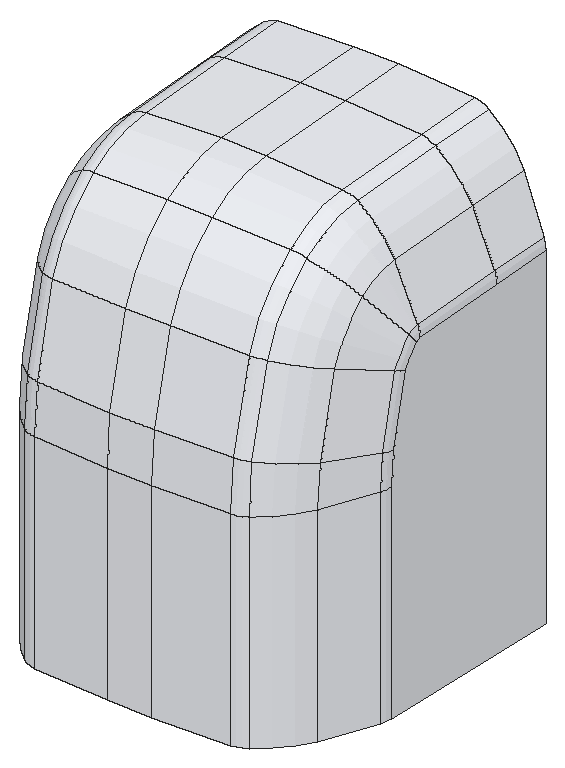
Revit family "Basin-Caroma Opal Shroud", category Plumbing Fixtures, host Face, Revit 2012
Parameters (values of type "Shroud")
  Waste Connection = no
  Waste = Metal-Chrome-Caroma
  Vent Connection = no
  URL = "www.caroma.com.au"
  Type Comments = "Shroud"  # constant formula
  PlumbingMaterial_ANZRS = Porcelain-White-Caroma
  Model = "632601"
  Manufacturer = "Caroma"  # constant formula
  HW Connection = no
  Description = "Opal Shroud"  # constant formula
  Default Elevation = 785 mm
  CreatedBy_ANZRS = "Design Content"  # constant formula
  CreatedByURL_ANZRS = "www.designcontent.com.au"
  CW Connection = no
Reference planes
  plane 1 "Origin": y = 0
  plane 2 "Back": z = 0
  plane 3 "Center (Left/Right)": x = 0
  plane 4 "Top": y = 92.5
  plane 5 "Front": z = 270
  plane 6 "Left": x = -101.5
  plane 7 "Right": x = 101.5
  plane 8 "Bottom": y = -92.5
Forms (mm)
  Sweep 1, solid, material "Porcelain-White-Caroma" <- "PlumbingMaterial_ANZRS"
    path origin (0, 0, 0) x (0, 1, 0) y (0, 0, 1)
      loop
        line (97.438, 270.259) -> (52.5, 267.904)
        arc (52.5, 267.904) -> (23.081, 266.234) -> (-6.323, 264.308) r 3387.831
        arc (-6.323, 264.308) -> (-27.869, 259.549) -> (-47.098, 248.726) r 75
        arc (-47.098, 248.726) -> (-66.126, 228.775) -> (-78.471, 204.122) r 93.018
        arc (-78.471, 204.122) -> (-85.47, 179.16) -> (-90.344, 153.697) r 307.757
        arc (-90.344, 153.697) -> (-91.96, 139.092) -> (-92.5, 124.408) r 200
        line (-92.5, 124.408) -> (-92.5, 0)
    profile origin (0, -92.5, 0) x (0, -1, 0) y (1, 0, 0)
      loop
        arc (0, 13.389) -> (-0.592, 36.174) -> (-2.368, 58.896) r 438.381
        arc (-2.368, 58.896) -> (-3.435, 63.355) -> (-5.617, 67.387) r 17.586
        arc (-5.617, 67.387) -> (-16.904, 79.467) -> (-30.819, 88.392) r 66.544
        arc (-30.819, 88.392) -> (-46.459, 95.097) -> (-62.592, 100.507) r 208.979
        arc (-62.592, 100.507) -> (-66.045, 101.25) -> (-69.569, 101.5) r 25
        line (-69.569, 101.5) -> (-71, 101.5) -> (-71, 91.5) -> (-69.569, 91.5)
        arc (-69.569, 91.5) -> (-67.454, 91.35) -> (-65.382, 90.904) r 15
        arc (-65.382, 90.904) -> (-50.021, 85.753) -> (-35.13, 79.369) r 198.979
        arc (-35.13, 79.369) -> (-23.306, 71.785) -> (-13.716, 61.521) r 56.544
        arc (-13.716, 61.521) -> (-12.774, 59.782) -> (-12.314, 57.858) r 7.586
        arc (-12.314, 57.858) -> (-10.579, 35.654) -> (-10, 13.389) r 428.381
        line (-10, 13.389) -> (-10, -13.389)
        arc (-10, -13.389) -> (-10.579, -35.654) -> (-12.314, -57.858) r 428.381
        arc (-12.314, -57.858) -> (-12.774, -59.782) -> (-13.716, -61.521) r 7.586
        arc (-13.716, -61.521) -> (-23.306, -71.785) -> (-35.13, -79.369) r 56.544
        arc (-35.13, -79.369) -> (-50.021, -85.753) -> (-65.382, -90.904) r 198.979
        arc (-65.382, -90.904) -> (-67.454, -91.35) -> (-69.569, -91.5) r 15
        line (-69.569, -91.5) -> (-71, -91.5) -> (-71, -101.5) -> (-69.569, -101.5)
        arc (-69.569, -101.5) -> (-66.045, -101.25) -> (-62.592, -100.507) r 25
        arc (-62.592, -100.507) -> (-46.459, -95.097) -> (-30.819, -88.392) r 208.979
        arc (-30.819, -88.392) -> (-16.904, -79.467) -> (-5.617, -67.387) r 66.544
        arc (-5.617, -67.387) -> (-3.435, -63.355) -> (-2.368, -58.896) r 17.586
        arc (-2.368, -58.896) -> (-0.592, -36.174) -> (0, -13.389) r 438.381
        line (0, -13.389) -> (0, 13.389)
  Extrusion 2, solid, material "Porcelain-White-Caroma" <- "PlumbingMaterial_ANZRS"
    sketch origin (0, 0, 0) x (0, 1, 0) y (0, 0, 1)
      loop
        arc (56.216, 197.001) -> (27.413, 195.366) -> (-1.375, 193.48) r 3316.831
        arc (-1.375, 193.48) -> (-2.524, 193.226) -> (-3.549, 192.649) r 4
        arc (-3.549, 192.649) -> (-8.054, 187.927) -> (-10.976, 182.091) r 22.018
        arc (-10.976, 182.091) -> (-16.36, 162.888) -> (-20.109, 143.299) r 236.757
        arc (-20.109, 143.299) -> (-21.152, 133.879) -> (-21.5, 124.408) r 129
        line (-21.5, 124.408) -> (-21.5, 0) -> (92.5, 0) -> (92.5, 198.903) -> (56.216, 197.001)
    from 101.5 to 91.5
  Extrusion 3, solid, material "Porcelain-White-Caroma" <- "PlumbingMaterial_ANZRS"
    sketch origin (0, 0, 0) x (0, 1, 0) y (0, 0, -1)
      loop
        line (56.216, -197.001) -> (92.5, -198.903) -> (92.5, 0) -> (-21.5, 0) -> (-21.5, -124.408)
        arc (-21.5, -124.408) -> (-21.152, -133.879) -> (-20.109, -143.299) r 129
        arc (-20.109, -143.299) -> (-16.36, -162.888) -> (-10.976, -182.091) r 236.757
        arc (-10.976, -182.091) -> (-8.054, -187.927) -> (-3.549, -192.649) r 22.018
        arc (-3.549, -192.649) -> (-2.524, -193.226) -> (-1.375, -193.48) r 4
        arc (-1.375, -193.48) -> (27.413, -195.366) -> (56.216, -197.001) r 3316.831
    from 101.5 to 91.5
  Extrusion 4, void
    sketch origin (0, 0, 0) x (0, 1, 0) y (0, 0, 1)
      loop
        line (92.5, 187.732) -> (137.5, 187.732) -> (137.5, 287.732) -> (92.5, 287.732) -> (92.5, 187.732)
    from 200 to -200
Cuts and joins
  Extrusion 4 cuts Sweep 1
  joined: Sweep 1, Extrusion 2, Extrusion 3
Lines and regions (mm)
  Masking region 1
    outline origin (0, 0, 0) x (1, 0, 0) y (0, 1, 0)
      loop
        line (-101.5, 92.5) -> (-101.5, -22.931)
        arc (-101.5, -22.931) -> (-101.25, -26.455) -> (-100.507, -29.908) r 25
        arc (-100.507, -29.908) -> (-95.097, -46.041) -> (-88.392, -61.681) r 208.979
        arc (-88.392, -61.681) -> (-79.467, -75.596) -> (-67.387, -86.883) r 66.544
        arc (-67.387, -86.883) -> (-63.355, -89.065) -> (-58.896, -90.132) r 17.586
        arc (-58.896, -90.132) -> (-36.174, -91.908) -> (-13.389, -92.5) r 438.381
        line (-13.389, -92.5) -> (13.389, -92.5)
        arc (13.389, -92.5) -> (36.174, -91.908) -> (58.896, -90.132) r 438.381
        arc (58.896, -90.132) -> (63.355, -89.065) -> (67.387, -86.883) r 17.586
        arc (67.387, -86.883) -> (79.467, -75.596) -> (88.392, -61.681) r 66.544
        arc (88.392, -61.681) -> (95.097, -46.041) -> (100.507, -29.908) r 208.979
        arc (100.507, -29.908) -> (101.25, -26.455) -> (101.5, -22.931) r 25
        line (101.5, -22.931) -> (101.5, 92.5) -> (-101.5, 92.5)
  Masking region 2
    outline origin (0, 0, 0) x (0, 1, 0) y (0, 0, 1)
      loop
        line (92.5, 270) -> (52.5, 267.904)
        arc (52.5, 267.904) -> (23.081, 266.234) -> (-6.323, 264.308) r 3387.831
        arc (-6.323, 264.308) -> (-27.869, 259.549) -> (-47.098, 248.726) r 75
        arc (-47.098, 248.726) -> (-66.126, 228.775) -> (-78.471, 204.122) r 93.018
        arc (-78.471, 204.122) -> (-85.47, 179.16) -> (-90.344, 153.697) r 307.757
        arc (-90.344, 153.697) -> (-91.96, 139.092) -> (-92.5, 124.408) r 200
        line (-92.5, 124.408) -> (-92.5, 0) -> (92.5, 0) -> (92.5, 270)
Dimensions and locks
  equal spacing: plane 6 "Left", plane 3 "Center (Left/Right)", plane 7 "Right"
  plane 6 "Left" to plane 7 "Right" = 203 mm
  equal spacing: plane 4 "Top", plane 1 "Origin", plane 8 "Bottom"
  plane 8 "Bottom" to plane 4 "Top" = 185 mm
  plane 5 "Front" to level = 270 mm
  level to plane 5 "Front" = 270 mm
  aligned and locked: plane 2 "Back" to host face
  aligned and locked: level to host face
Automatic sketch dimensions
  host sketch curve to host sketch curve = 2438.4 mm  (x2)
  Sweep 1 sketch curve to Sweep 1 sketch curve = 0 mm  (x40)
  Sweep 1 sketch curve to profile plane = 0 mm
  profile plane to Sweep 1 sketch curve = 2.368 mm  (x2)
  profile plane to Sweep 1 sketch curve = 5.617 mm  (x2)
  profile plane to Sweep 1 sketch curve = 10 mm
  Sweep 1 sketch curve to Sweep 1 sketch curve = 9.946 mm  (x2)
  Sweep 1 sketch curve to Sweep 1 sketch curve = 1.401 mm  (x2)
  profile plane to Sweep 1 sketch curve = 30.819 mm  (x2)
  Sweep 1 sketch curve to Sweep 1 sketch curve = 4.311 mm  (x2)
  Sweep 1 sketch curve to Sweep 1 sketch curve = 31.772 mm  (x2)
  Sweep 1 sketch curve to Sweep 1 sketch curve = 2.791 mm  (x2)
  Sweep 1 sketch curve to Sweep 1 sketch curve = 4.186 mm  (x2)
  Sweep 1 sketch curve to Sweep 1 sketch curve = 1.431 mm  (x2)
  Sweep 1 sketch curve to plane 3 "Center (Left/Right)" = 101.5 mm
  Sweep 1 sketch curve to Sweep 1 sketch curve = 1.331 mm
  Extrusion 2 sketch curve to level = 0 mm
  Extrusion 2 sketch curve to plane 4 "Top" = 0 mm
  Extrusion 2 sketch curve to plane 4 "Top" = 36.284 mm
  Extrusion 2 sketch curve to plane 1 "Origin" = 9.955 mm
  plane 1 "Origin" to Extrusion 2 sketch curve = 1.096 mm
  plane 1 "Origin" to Extrusion 2 sketch curve = 1.375 mm
  Extrusion 2 sketch curve to Extrusion 2 sketch curve = 0 mm  (x4)
  Extrusion 2 sketch curve to Extrusion 2 sketch curve = 2.175 mm
  plane 1 "Origin" to Extrusion 2 sketch curve = 10.976 mm
  plane 1 "Origin" to Extrusion 2 sketch curve = 20.109 mm
  Extrusion 2 sketch curve to Extrusion 2 sketch curve = 1.391 mm
  plane 4 "Top" to Extrusion 2 sketch curve = 15 mm
  Extrusion 2 sketch curve to Extrusion 2 sketch curve = 106.595 mm
  plane 4 "Top" to Extrusion 2 sketch curve = 137.302 mm
  Extrusion 2 sketch curve to level = 3115.285 mm
  Extrusion 2 sketch curve to Extrusion 2 sketch curve = 1.902 mm
  Extrusion 3 sketch curve to level = 0 mm
  Extrusion 3 sketch curve to plane 4 "Top" = 0 mm
  Extrusion 3 sketch curve to plane 4 "Top" = 36.284 mm
  Extrusion 3 sketch curve to plane 1 "Origin" = 9.955 mm
  plane 1 "Origin" to Extrusion 3 sketch curve = 1.096 mm
  plane 1 "Origin" to Extrusion 3 sketch curve = 1.375 mm
  Extrusion 3 sketch curve to Extrusion 3 sketch curve = 0 mm  (x4)
  Extrusion 3 sketch curve to Extrusion 3 sketch curve = 2.175 mm
  plane 1 "Origin" to Extrusion 3 sketch curve = 10.976 mm
  plane 1 "Origin" to Extrusion 3 sketch curve = 20.109 mm
  Extrusion 3 sketch curve to Extrusion 3 sketch curve = 1.391 mm
  plane 4 "Top" to Extrusion 3 sketch curve = 15 mm
  Extrusion 3 sketch curve to Extrusion 3 sketch curve = 106.595 mm
  plane 4 "Top" to Extrusion 3 sketch curve = 137.302 mm
  level to Extrusion 3 sketch curve = 108.627 mm
  Extrusion 3 sketch curve to Extrusion 3 sketch curve = 1.902 mm
  plane 4 "Top" to Extrusion 4 sketch curve = 0 mm
  Extrusion 4 sketch curve to Extrusion 4 sketch curve = 45 mm
  Extrusion 4 sketch curve to plane 5 "Front" = 82.268 mm
  plane 5 "Front" to Extrusion 4 sketch curve = 17.732 mm
  Sweep 1 sketch curve to level = 0 mm
  Sweep 1 sketch curve to plane 8 "Bottom" = 0 mm
  Sweep 1 sketch curve to plane 8 "Bottom" = 2.156 mm
  Sweep 1 sketch curve to plane 8 "Bottom" = 14.029 mm
  Sweep 1 sketch curve to plane 5 "Front" = 21.274 mm
  Sweep 1 sketch curve to plane 8 "Bottom" = 45.402 mm
  plane 1 "Origin" to Sweep 1 sketch curve = 6.323 mm
  plane 1 "Origin" to Sweep 1 sketch curve = 1.096 mm
  Sweep 1 sketch curve to plane 1 "Origin" = 9.955 mm
  Sweep 1 sketch curve to plane 5 "Front" = 2.096 mm
  Sweep 1 sketch curve to plane 1 "Origin" = 52.5 mm
  plane 5 "Front" to Sweep 1 sketch curve = 0.259 mm
  plane 4 "Top" to Sweep 1 sketch curve = 4.938 mm
  plane 4 "Top" to Sweep 1 sketch curve = 15 mm
  Sweep 1 sketch curve to Sweep 1 sketch curve = 106.595 mm
  Masking region 1 sketch curve to plane 6 "Left" = 0 mm
  plane 8 "Bottom" to Masking region 1 sketch curve = 0 mm
  Masking region 1 sketch curve to plane 7 "Right" = 0 mm
  Masking region 1 sketch curve to plane 4 "Top" = 0 mm
  Masking region 1 sketch curve to plane 6 "Left" = 0.993 mm
  Masking region 1 sketch curve to Masking region 1 sketch curve = 0 mm  (x6)
  Masking region 1 sketch curve to plane 6 "Left" = 1.331 mm
  Masking region 1 sketch curve to plane 6 "Left" = 13.108 mm
  Masking region 1 sketch curve to plane 6 "Left" = 25 mm
  Masking region 1 sketch curve to plane 8 "Bottom" = 5.617 mm  (x2)
  Masking region 1 sketch curve to Masking region 1 sketch curve = 21.005 mm
  Masking region 1 sketch curve to plane 8 "Bottom" = 2.368 mm
  Masking region 1 sketch curve to Masking region 1 sketch curve = 8.491 mm  (x2)
  Masking region 1 sketch curve to Masking region 1 sketch curve = 10.316 mm
  plane 1 "Origin" to Masking region 1 sketch curve = 32.993 mm
  plane 3 "Center (Left/Right)" to Masking region 1 sketch curve = 13.389 mm
  plane 3 "Center (Left/Right)" to Masking region 1 sketch curve = 28.35 mm
  Masking region 1 sketch curve to plane 8 "Bottom" = 19.859 mm
  Masking region 1 sketch curve to plane 7 "Right" = 44.429 mm
  Masking region 1 sketch curve to Masking region 1 sketch curve = 1.826 mm
  Masking region 1 sketch curve to plane 7 "Right" = 25 mm
  Masking region 1 sketch curve to plane 7 "Right" = 13.108 mm
  Masking region 1 sketch curve to plane 7 "Right" = 0.993 mm
  Masking region 2 sketch curve to plane 8 "Bottom" = 0 mm
  Masking region 2 sketch curve to level = 0 mm
  Masking region 2 sketch curve to plane 5 "Front" = 0 mm
  Masking region 2 sketch curve to plane 8 "Bottom" = 2.156 mm
  Masking region 2 sketch curve to Masking region 2 sketch curve = 0 mm  (x4)
  Masking region 2 sketch curve to plane 8 "Bottom" = 14.029 mm
  Masking region 2 sketch curve to plane 5 "Front" = 21.274 mm
  plane 1 "Origin" to Masking region 2 sketch curve = 47.098 mm
  plane 1 "Origin" to Masking region 2 sketch curve = 6.323 mm
  plane 1 "Origin" to Masking region 2 sketch curve = 1.096 mm
  Masking region 2 sketch curve to plane 1 "Origin" = 9.955 mm
  Masking region 2 sketch curve to plane 5 "Front" = 2.096 mm
  Masking region 2 sketch curve to Masking region 2 sketch curve = 40 mm
  plane 4 "Top" to Masking region 2 sketch curve = 15 mm
  Masking region 2 sketch curve to Masking region 2 sketch curve = 106.595 mm
  Masking region 2 sketch curve to plane 4 "Top" = 0 mm
